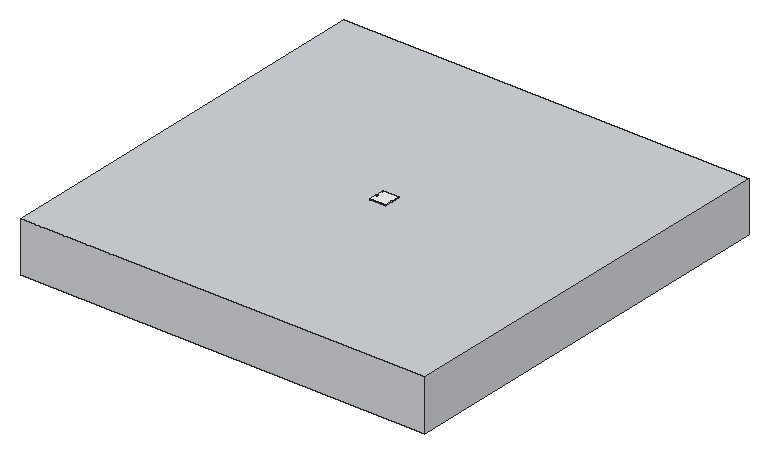
Revit family "Gira_5031219", category Elektroinstallationen, Revit 2017
Family settings
  Basisbauteil = Fläche
  Beschriftungsausrichtung beibehalten = Nein
  Bemaßung runder Anschluss = Durchmesser verwenden
  Teiletyp = Normal
  Beim Laden mit Abzugskörper schneiden = Nein
  Gemeinsam genutzt = Nein
  Raumberechnungspunkt = Nein
Parameters (values of type "Wippenset 1f indiv. Tastsens.4 TS4 Edelstahl")
  Werkstoffgüte = "Edelstahl"
  Werkstoff Text = "Metall"
  Default Elevation = 1219.2 mm
  URL = "https://www.gira.de/"
  Typname = "Wippenset 1f indiv. Tastsens.4 TS4 Edelstahl"
  Type Comments = ""
  Transparent = no
  Produktseite = "https://media.stage.bim.site/t/eyJhbGciOiJIUzI1NiIsInR5cCI6IkpXVCJ9.eyJjdCI6MiwidHUiOiJodHRwOi8va2F0YWxvZy5naXJhLmRlL2RlX0RFL2RhdGVuYmxhdHQuaHRtbD9hcnRpa2VsbnI9NTAzMTIxOSIsImNpZCI6IjMyNzdjYzIzLTgxYTktNGVlMy1hOTBhLWI0N2JiNGMwYjYxNiIsInJpZCI6ImM5NWVmMTBkYWZiMWIyMTZhYmNhZTNhYTViZmJlNjNiIiwicGlkIjoiMjgzMzY0YzhhNDI5M2U4ODk1Zjg5OGI5NjI4Y2E1NjZhOGU2ODJjOCIsInNpZCI6IjYzNDcwIiwidXQiOjEsImxjIjoiZGUiLCJpYXQiOjE2MDA5NDE3NzAsImlzcyI6Imh0dHBzOi8vYXBpLmxpdmUuYmltLnNpdGUiLCJzdWIiOiJhZG1pbkBiaW1zaXRlLmRldiJ9.IQPoTdTe5GO68Bgngc7daOZ4xm2SA3nd2Plk492kovc"
  Model = ""
  Cost = 0
  Hersteller = "Gira"
  HeinzeBIM = "https://www.heinze.de/bim/wippenset-1f-indiv-tastsens-4-ts4-edelstahl/283364c8a4293e8895f898b9628ca566a8e682c8"
  HAN = "5031219"
  GTIN = "4010337072607"
  Funk bidirektional = no
  Farbe = "Edelstahl"
  Datenblatt 1 = "https://media.stage.bim.site/t/eyJhbGciOiJIUzI1NiIsInR5cCI6IkpXVCJ9.eyJjdCI6MSwidGYiOiJwdWJsaWMvZ2lyYS9hZThjNTU3LzUwMzEyMTkudHh0IiwiY2lkIjoiMzI3N2NjMjMtODFhOS00ZWUzLWE5MGEtYjQ3YmI0YzBiNjE2IiwicmlkIjoiYzk1ZWYxMGRhZmIxYjIxNmFiY2FlM2FhNWJmYmU2M2IiLCJwaWQiOiIyODMzNjRjOGE0MjkzZTg4OTVmODk4Yjk2MjhjYTU2NmE4ZTY4MmM4Iiwic2lkIjoiNjM0NzAiLCJ1dCI6MSwibGMiOiJkZSIsImlhdCI6MTYwMDk0MTc3MCwiaXNzIjoiaHR0cHM6Ly9hcGkubGl2ZS5iaW0uc2l0ZSIsInN1YiI6ImFkbWluQGJpbXNpdGUuZGV2In0.ZcvINH_I574T874cLtHvuqPXTr9Cj9Qv28gLb4g8Y8E/5031219.txt"
  Datenblatt = "https://media.stage.bim.site/t/eyJhbGciOiJIUzI1NiIsInR5cCI6IkpXVCJ9.eyJjdCI6MSwidHUiOiJodHRwczovL2thdGFsb2cuZ2lyYS5kZS9kZV9ERS9kb3dubG9hZC5odG1sP2FydGlrZWxucj01MDMxMjE5IiwiY2lkIjoiMzI3N2NjMjMtODFhOS00ZWUzLWE5MGEtYjQ3YmI0YzBiNjE2IiwicmlkIjoiYzk1ZWYxMGRhZmIxYjIxNmFiY2FlM2FhNWJmYmU2M2IiLCJwaWQiOiIyODMzNjRjOGE0MjkzZTg4OTVmODk4Yjk2MjhjYTU2NmE4ZTY4MmM4Iiwic2lkIjoiNjM0NzAiLCJ1dCI6MSwibGMiOiJkZSIsImlhdCI6MTYwMDk0MTc3MCwiaXNzIjoiaHR0cHM6Ly9hcGkubGl2ZS5iaW0uc2l0ZSIsInN1YiI6ImFkbWluQGJpbXNpdGUuZGV2In0.2XXYE21XL0Cm9aVC4zNu1dhO19qR19rwviuDjgm_nW8"
  Bussystem Powernet = no
  Bussystem LON = no
  Bussystem KNX-Funk = no
  Bussystem KNX = yes
  Bussystem Funkbus = no
  Beschreibung = "Wippenset 1fach individuell für Tastsensor 4  Edelstahl Hinweise :  Beschreibbare Wippensets können mit einer individuellen Beschriftung versehen werden. Die Bestellung wird über den Großhandel abgewickelt, der beim Bestellvorgang der Wippen angegeben wurde.  Dieses Produkt kann ausschließlich über den Gira Beschriftungsservice bestellt werden.  Professionelle Beschriftung über den Gira Beschriftungsservice www.beschriftung.gira.de."
  Assembly Code = ""
  Keynote = ""
  BIMSITE_PRODUCT_ID = "283364c8a4293e8895f898b9628ca566a8e682c8"
  BIM = "https://media.stage.bim.site/t/eyJhbGciOiJIUzI1NiIsInR5cCI6IkpXVCJ9.eyJjdCI6MSwidGYiOiJwdWJsaWMvZ2lyYS9hZThjNTU3LzQwXzUwMjEwMCBUUzQgV2lwcGVuc2V0IDFmYWNoLnJmYSIsImNpZCI6IjMyNzdjYzIzLTgxYTktNGVlMy1hOTBhLWI0N2JiNGMwYjYxNiIsInJpZCI6ImM5NWVmMTBkYWZiMWIyMTZhYmNhZTNhYTViZmJlNjNiIiwicGlkIjoiMjgzMzY0YzhhNDI5M2U4ODk1Zjg5OGI5NjI4Y2E1NjZhOGU2ODJjOCIsInNpZCI6IjYzNDcwIiwidXQiOjUsImxjIjoiZGUiLCJpYXQiOjE2MDA5NDE3NzAsImlzcyI6Imh0dHBzOi8vYXBpLmxpdmUuYmltLnNpdGUiLCJzdWIiOiJhZG1pbkBiaW1zaXRlLmRldiJ9.O23t78kODemKAPocjDvZsuq0o3UnGNDkjQGMyYI9E5U/40_502100 TS4 Wippenset 1fach.rfa"
  Andere Bussysteme = "ohne"
Reference planes
  plane 1 "Center (Front/Back)": y = 0
  plane 2: z = 0
  plane 3 "Center (Left/Right)": x = 0
Forms (mm)
  Extrusion 1, solid
    sketch origin (0, 0, 0) x (1, 0, 0) y (0, 1, 0)
      loop
        line (-1219.2, 1219.2) -> (-1219.2, -1219.2) -> (1219.2, -1219.2) -> (1219.2, 1219.2) -> (-1219.2, 1219.2)
    from 0 to -304.8
Lines and regions (mm)
  reference lines
    curve 1: line (0, 47.5, 0) -> (0, -47.5, 0)
Dimensions and locks
  aligned and locked: plane 2 to Extrusion 1
  aligned and locked: level to Extrusion 1
Nested families
  nested 1: "40_502100 TS4 Wippenset 1fach" at (0, 0, 0), type "40_502100 TS4 Wippenset 1fach"
Definition of nested family "40_502100 TS4 Wippenset 1fach"
  Parameters
    White = none
  Reference planes
    plane 1 "Center (Front/Back)": y = 0
    plane 2: z = 0
    plane 3 "Center (Left/Right)": x = 0
  Forms (mm)
    Extrusion 1, solid, material <- "White", detail levels fine
      sketch origin (0, 0, 0) x (1, 0, 0) y (0, 1, 0)
        loop
          arc (-46.5, 47.5) -> (-47.207, 47.207) -> (-47.5, 46.5) r 1
          line (-47.5, 46.5) -> (-47.5, 1) -> (-42.5, 1)
          arc (-42.5, 1) -> (-41.5, 0) -> (-42.5, -1) r 1
          line (-42.5, -1) -> (-47.5, -1) -> (-47.5, -46.5)
          arc (-47.5, -46.5) -> (-47.207, -47.207) -> (-46.5, -47.5) r 1
          line (-46.5, -47.5) -> (46.5, -47.5)
          arc (46.5, -47.5) -> (47.207, -47.207) -> (47.5, -46.5) r 1
          line (47.5, -46.5) -> (47.5, -1) -> (42.5, -1)
          arc (42.5, -1) -> (41.5, 0) -> (42.5, 1) r 1
          line (42.5, 1) -> (47.5, 1) -> (47.5, 46.5)
          arc (47.5, 46.5) -> (47.207, 47.207) -> (46.5, 47.5) r 1
          line (46.5, 47.5) -> (-46.5, 47.5)
      from 0 to 3.1
    Extrusion 2, solid, material <- "White", detail levels fine
      sketch origin (0, 0, 0) x (1, 0, 0) y (0, 1, 0)
        loop
          line (43.976, 44.188) -> (-43.976, 44.188) -> (-43.976, -44.188) -> (43.976, -44.188) -> (43.976, 44.188)
      from 0 to -1.5
    Extrusion 3, solid, detail levels fine
      sketch origin (0, 0, 0) x (1, 0, 0) y (0, 0, 1)
        loop
          arc (-1.639, -4) -> (-1.115, -3.694) -> (-1.122, -3.087) r 0.603
          arc (-1.122, -3.087) -> (-0.011, -1.666) -> (1.122, -3.087) r 1.145
          arc (1.122, -3.087) -> (1.115, -3.694) -> (1.639, -4) r 0.603
          line (1.639, -4) -> (2.5, -4) -> (3.5, -1.5) -> (-3.5, -1.5) -> (-2.5, -4) -> (-1.639, -4)
      from 41.985 to 44.199
    Extrusion 4, solid, detail levels fine
      sketch origin (0, 0, 0) x (1, 0, 0) y (0, 0, -1)
        loop
          line (-1.639, 4) -> (-2.5, 4) -> (-3.5, 1.5) -> (3.5, 1.5) -> (2.5, 4) -> (1.639, 4)
          arc (1.639, 4) -> (1.115, 3.694) -> (1.122, 3.087) r 0.603
          arc (1.122, 3.087) -> (-0.011, 1.666) -> (-1.122, 3.087) r 1.145
          arc (-1.122, 3.087) -> (-1.115, 3.694) -> (-1.639, 4) r 0.603
      from 41.985 to 44.199
    Extrusion 5, solid, material <- "White", detail levels medium
      sketch origin (0, 0, 0) x (1, 0, 0) y (0, 1, 0)
        loop
          line (43.976, 44.188) -> (-43.976, 44.188) -> (-43.976, -44.188) -> (43.976, -44.188) -> (43.976, 44.188)
      from 0 to -4
    Extrusion 6, solid, material <- "White", detail levels medium
      sketch origin (0, 0, 0) x (1, 0, 0) y (0, 1, 0)
        loop
          line (-47.5, 47.5) -> (-47.5, -47.5) -> (47.5, -47.5) -> (47.5, 47.5) -> (-47.5, 47.5)
      from 0 to 3.3
    Extrusion 7, solid, material <- "White", detail levels fine
      sketch origin (0, 0, 0) x (1, 0, 0) y (0, 1, 0)
        loop
          line (-43.976, 44.188) -> (-43.976, 40.908) -> (-42.655, 40.908) -> (-42.655, 44.188) -> (-43.976, 44.188)
        loop
          line (43.976, 44.188) -> (42.655, 44.188) -> (42.655, 40.908) -> (43.976, 40.908) -> (43.976, 44.188)
        loop
          line (-43.976, -44.188) -> (-42.655, -44.188) -> (-42.655, -40.908) -> (-43.976, -40.908) -> (-43.976, -44.188)
        loop
          line (43.976, -44.188) -> (43.976, -40.908) -> (42.655, -40.908) -> (42.655, -44.188) -> (43.976, -44.188)
      from 0 to -4
    Extrusion 8, solid, detail levels fine
      sketch origin (0, 0, 0) x (1, 0, 0) y (0, 1, 0)
        loop
          line (-47.5, 1) -> (-47.5, -1) -> (-42.5, -1)
          arc (-42.5, -1) -> (-41.5, 0) -> (-42.5, 1) r 1
          line (-42.5, 1) -> (-47.5, 1)
        loop
          line (47.5, 1) -> (42.5, 1)
          arc (42.5, 1) -> (41.5, 0) -> (42.5, -1) r 1
          line (42.5, -1) -> (47.5, -1) -> (47.5, 1)
      from 0 to 3.3
    Extrusion 9, solid, detail levels coarse
      sketch origin (0, 0, 0) x (1, 0, 0) y (0, 1, 0)
        loop
          line (-47.5, 47.5) -> (-47.5, -47.5) -> (47.5, -47.5) -> (47.5, 47.5) -> (-47.5, 47.5)
      from -4 to 3.3
    Extrusion 10, solid, material <- "White", detail levels fine
      sketch origin (0, 0, 0) x (1, 0, 0) y (0, 1, 0)
        loop
          line (-41.852, 6.181) -> (-43.976, 4.461) -> (-43.976, -4.461) -> (-41.852, -6.181)
          arc (-41.852, -6.181) -> (-38.884, -6.014) -> (-38.763, -3.043) r 2.212
          line (-38.763, -3.043) -> (-38.763, 3.043)
          arc (-38.763, 3.043) -> (-38.884, 6.014) -> (-41.852, 6.181) r 2.212
        loop
          arc (-39.415, 3.847) -> (-39.669, 5.38) -> (-41.223, 5.404) r 1.212
          line (-41.223, 5.404) -> (-42.938, 4.015) -> (-40.57, 1.883) -> (-39.415, 3.847)
        loop
          line (-39.415, -3.847) -> (-40.57, -1.883) -> (-42.938, -4.015) -> (-41.223, -5.404)
          arc (-41.223, -5.404) -> (-39.669, -5.38) -> (-39.415, -3.847) r 1.212
        loop
          arc (41.852, 6.181) -> (38.884, 6.014) -> (38.763, 3.043) r 2.212
          line (38.763, 3.043) -> (38.763, -3.043)
          arc (38.763, -3.043) -> (38.884, -6.014) -> (41.852, -6.181) r 2.212
          line (41.852, -6.181) -> (43.976, -4.461) -> (43.976, 4.461) -> (41.852, 6.181)
        loop
          line (39.415, 3.847) -> (40.57, 1.883) -> (42.938, 4.015) -> (41.223, 5.404)
          arc (41.223, 5.404) -> (39.669, 5.38) -> (39.415, 3.847) r 1.212
        loop
          arc (39.415, -3.847) -> (39.669, -5.38) -> (41.223, -5.404) r 1.212
          line (41.223, -5.404) -> (42.938, -4.015) -> (40.57, -1.883) -> (39.415, -3.847)
      from 0 to -3.1
  Cuts and joins
    joined: Extrusion 2, Extrusion 7, Extrusion 10
  Dimensions and locks
    aligned and locked: level to plane 2
